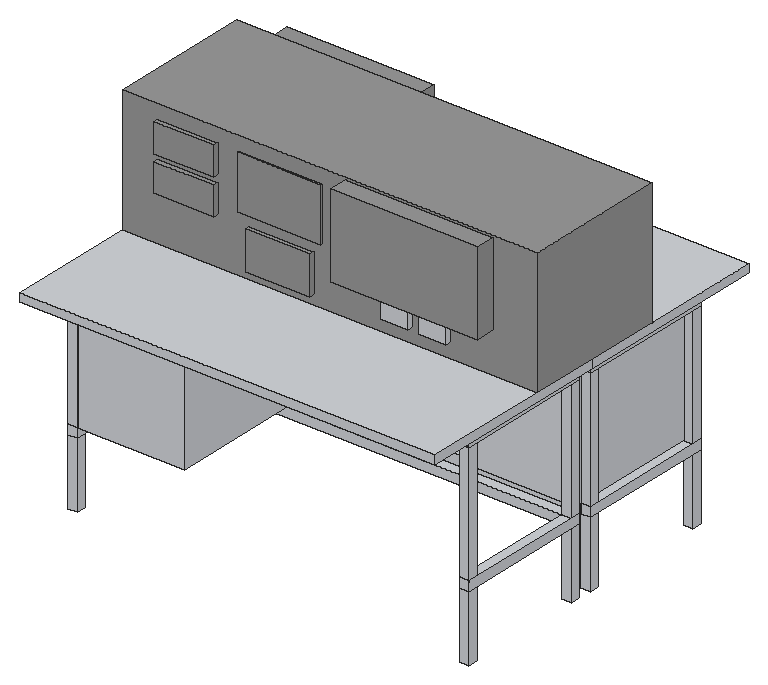
Revit family "ElectronicsBenchTopDouble", category Furniture, Revit 2025
Family settings
  OmniClass Number = 23.40.20.00
  OmniClass Title = General Furniture and Specialties
  Work Plane-Based = No
  Enable Cutting in Views = No
  Always vertical = Yes
  Cut with Voids When Loaded = No
  Render Appearance Source = Family Geometry
  Shared = No
  Room Calculation Point = No
Parameters
  Default Elevation = 0 mm
Reference planes
  plane 1 "Center (Front/Back)": y = 0
  plane 2: z = 9.556
  plane 3 "Center (Left/Right)": x = 0
  plane 4: x = 1750
  plane 5: x = 150
  plane 6: x = 400
  plane 7: x = 492
  plane 8: x = 535
  plane 9: x = 805
  plane 10: x = 842
  plane 11: x = 942
  plane 12: x = 1562
  plane 13: y = 0
  plane 14: z = 539.556
  plane 15: y = -20
  plane 16: y = 600
  plane 17: y = 300
  plane 18: y = -80
  plane 19: y = 620
  plane 20: z = 909.556
Forms (mm)
  Extrusion 1, solid, material "Plywood, Side, 7 Ply"
    sketch origin (829.616, -55.942, 1040.314) x (1, 0, 0) y (0, 0, 1)
      loop
        line (-829.616, -130.888) -> (920.384, -130.888) -> (920.384, 399.112) -> (-829.616, 399.112) -> (-829.616, -130.888)
    from -350 to 250
  Extrusion 2, solid, material "Asphalt, Bitumen"
    sketch origin (-0.384, -55.942, 899.426) x (1, 0, 0) y (0, 0, 1)
      loop
        line (942, 530) -> (942, 180) -> (1562, 180) -> (1562, 530) -> (942, 530)
    from 250 to 330
  Extrusion 3, solid, material "Asphalt, Bitumen"
    sketch origin (-0.384, -55.942, 899.426) x (1, 0, 0) y (0, 0, 1)
      loop
        line (842, 480) -> (492, 480) -> (492, 253) -> (842, 253) -> (842, 480)
    from 150 to 255
  Extrusion 4, solid, material "Plastic, Formed"
    sketch origin (-0.384, -55.942, 899.426) x (1, 0, 0) y (0, 0, 1)
      loop
        line (535, 210) -> (535, 50) -> (805, 50) -> (805, 210) -> (535, 210)
    from -35.942 to 270
  Extrusion 5, solid, material "Plastic, Formed"
    sketch origin (-0.384, -55.942, 899.426) x (1, 0, 0) y (0, 0, 1)
      loop
        line (150, 480) -> (150, 360) -> (400, 360) -> (400, 480) -> (150, 480)
      loop
        line (150, 330) -> (150, 210) -> (400, 210) -> (400, 330) -> (150, 330)
    from 0 to 270
  Extrusion 6, solid, material "Asphalt, Bitumen"
    sketch origin (1710.436, 44.058, 899.426) x (-1, 0, 0) y (0, 0, 1)
      loop
        line (942, 530) -> (942, 180) -> (1562, 180) -> (1562, 530) -> (942, 530)
    from 250 to 330
  Extrusion 7, solid, material "Asphalt, Bitumen"
    sketch origin (1710.436, 44.058, 899.426) x (-1, 0, 0) y (0, 0, 1)
      loop
        line (842, 480) -> (492, 480) -> (492, 253) -> (842, 253) -> (842, 480)
    from 150 to 255
  Extrusion 8, solid, material "Plastic, Formed"
    sketch origin (1710.436, 44.058, 899.426) x (-1, 0, 0) y (0, 0, 1)
      loop
        line (535, 210) -> (535, 50) -> (805, 50) -> (805, 210) -> (535, 210)
    from -35.942 to 270
  Extrusion 9, solid, material "Plastic, Formed"
    sketch origin (1710.436, 44.058, 899.426) x (-1, 0, 0) y (0, 0, 1)
      loop
        line (150, 480) -> (150, 360) -> (400, 360) -> (400, 480) -> (150, 480)
      loop
        line (150, 330) -> (150, 210) -> (400, 210) -> (400, 330) -> (150, 330)
    from 0 to 270
  Extrusion 10, solid
    sketch origin (97.34, -225.942, 1467.197) x (1, 0, 0) y (0, 0, 1)
      loop
        line (1166.781, -422.24) -> (1166.781, -497.24) -> (1281.781, -497.24) -> (1281.781, -422.24) -> (1166.781, -422.24)
    from 0 to 100
  Extrusion 11, void
    sketch origin (-242.88, -325.942, 1470.979) x (1, 0, 0) y (0, 0, 1)
      loop
        circle (1535.231, -463.13) r 15
      loop
        circle (1594.387, -462.957) r 15
    from 0 to 5
  Extrusion 12, solid
    sketch origin (-62.66, -225.942, 1467.197) x (1, 0, 0) y (0, 0, 1)
      loop
        line (1166.781, -422.24) -> (1166.781, -497.24) -> (1281.781, -497.24) -> (1281.781, -422.24) -> (1166.781, -422.24)
    from 0 to 100
  Extrusion 13, void
    sketch origin (-402.88, -325.942, 1470.979) x (1, 0, 0) y (0, 0, 1)
      loop
        circle (1535.231, -463.13) r 15
      loop
        circle (1594.387, -462.957) r 15
    from 0 to 5
  Extrusion 14, solid, not visible
    sketch origin (340.219, 0, -4.515) x (1, 0, 0) y (0, 0, 1)
      loop
        line (1166.781, -422.24) -> (1166.781, -497.24) -> (1281.781, -497.24) -> (1281.781, -422.24) -> (1166.781, -422.24)
    from 0 to 100
  Extrusion 15, void, not visible
    sketch origin (0, 0, -0.733) x (1, 0, 0) y (0, 0, 1)
      loop
        circle (1535.231, -463.13) r 15
      loop
        circle (1594.387, -462.957) r 15
    from 0 to 5
  Extrusion 16, solid, not visible
    sketch origin (180.219, 0, -4.515) x (1, 0, 0) y (0, 0, 1)
      loop
        line (1166.781, -422.24) -> (1166.781, -497.24) -> (1281.781, -497.24) -> (1281.781, -422.24) -> (1166.781, -422.24)
    from 0 to 100
  Extrusion 17, void, not visible
    sketch origin (-160, 0, -0.733) x (1, 0, 0) y (0, 0, 1)
      loop
        circle (1535.231, -463.13) r 15
      loop
        circle (1594.387, -462.957) r 15
    from 0 to 5
  Extrusion 18, solid
    sketch origin (1584.862, 214.058, 1467.197) x (-1, 0, 0) y (0, 0, 1)
      loop
        line (1166.781, -422.24) -> (1166.781, -497.24) -> (1281.781, -497.24) -> (1281.781, -422.24) -> (1166.781, -422.24)
    from 0 to 100
  Extrusion 19, void
    sketch origin (1925.082, 314.058, 1470.979) x (-1, 0, 0) y (0, 0, 1)
      loop
        circle (1535.231, -463.13) r 15
      loop
        circle (1594.387, -462.957) r 15
    from 0 to 5
  Extrusion 20, solid
    sketch origin (1744.862, 214.058, 1467.197) x (-1, 0, 0) y (0, 0, 1)
      loop
        line (1166.781, -422.24) -> (1166.781, -497.24) -> (1281.781, -497.24) -> (1281.781, -422.24) -> (1166.781, -422.24)
    from 0 to 100
  Extrusion 21, void
    sketch origin (2085.082, 314.058, 1470.979) x (-1, 0, 0) y (0, 0, 1)
      loop
        circle (1535.231, -463.13) r 15
      loop
        circle (1594.387, -462.957) r 15
    from 0 to 5
  Extrusion 22, solid, not visible
    sketch origin (97.34, 80, 567.327) x (1, 0, 0) y (0, 0, 1)
      loop
        line (1166.781, -422.24) -> (1166.781, -497.24) -> (1281.781, -497.24) -> (1281.781, -422.24) -> (1166.781, -422.24)
    from 0 to 100
  Extrusion 23, void, not visible
    sketch origin (-242.88, -20, 571.109) x (1, 0, 0) y (0, 0, 1)
      loop
        circle (1535.231, -463.13) r 15
      loop
        circle (1594.387, -462.957) r 15
    from 0 to 5
  Extrusion 24, solid, not visible
    sketch origin (-62.66, 80, 567.327) x (1, 0, 0) y (0, 0, 1)
      loop
        line (1166.781, -422.24) -> (1166.781, -497.24) -> (1281.781, -497.24) -> (1281.781, -422.24) -> (1166.781, -422.24)
    from 0 to 100
  Extrusion 25, void, not visible
    sketch origin (-402.88, -20, 571.109) x (1, 0, 0) y (0, 0, 1)
      loop
        circle (1535.231, -463.13) r 15
      loop
        circle (1594.387, -462.957) r 15
    from 0 to 5
  Extrusion 26, solid, material "Plywood, Side, 7 Ply", not visible
    sketch origin (829.616, -1903.81, 1413.477) x (1, 0, 0) y (0, 0, 1)
      loop
        line (-829.616, -130.888) -> (920.384, -130.888) -> (920.384, 399.112) -> (-829.616, 399.112) -> (-829.616, -130.888)
    from -350 to 250
  Extrusion 27, solid, material "Asphalt, Bitumen", not visible
    sketch origin (-0.384, -1903.81, 1272.588) x (1, 0, 0) y (0, 0, 1)
      loop
        line (942, 530) -> (942, 180) -> (1562, 180) -> (1562, 530) -> (942, 530)
    from 250 to 330
  Extrusion 28, solid, material "Asphalt, Bitumen", not visible
    sketch origin (-0.384, -1903.81, 1272.588) x (1, 0, 0) y (0, 0, 1)
      loop
        line (842, 480) -> (492, 480) -> (492, 253) -> (842, 253) -> (842, 480)
    from 150 to 255
  Extrusion 29, solid, material "Plastic, Formed", not visible
    sketch origin (-0.384, -1903.81, 1272.588) x (1, 0, 0) y (0, 0, 1)
      loop
        line (535, 210) -> (535, 50) -> (805, 50) -> (805, 210) -> (535, 210)
    from -35.942 to 270
  Extrusion 30, solid, material "Plastic, Formed", not visible
    sketch origin (-0.384, -1903.81, 1272.588) x (1, 0, 0) y (0, 0, 1)
      loop
        line (150, 480) -> (150, 360) -> (400, 360) -> (400, 480) -> (150, 480)
      loop
        line (150, 330) -> (150, 210) -> (400, 210) -> (400, 330) -> (150, 330)
    from 0 to 270
  Extrusion 31, solid, material "Asphalt, Bitumen", not visible
    sketch origin (1710.436, -1803.81, 1272.588) x (-1, 0, 0) y (0, 0, 1)
      loop
        line (942, 530) -> (942, 180) -> (1562, 180) -> (1562, 530) -> (942, 530)
    from 250 to 330
  Extrusion 32, solid, material "Asphalt, Bitumen", not visible
    sketch origin (1710.436, -1803.81, 1272.588) x (-1, 0, 0) y (0, 0, 1)
      loop
        line (842, 480) -> (492, 480) -> (492, 253) -> (842, 253) -> (842, 480)
    from 150 to 255
  Extrusion 33, solid, material "Plastic, Formed", not visible
    sketch origin (1710.436, -1803.81, 1272.588) x (-1, 0, 0) y (0, 0, 1)
      loop
        line (535, 210) -> (535, 50) -> (805, 50) -> (805, 210) -> (535, 210)
    from -35.942 to 270
  Extrusion 34, solid, material "Plastic, Formed", not visible
    sketch origin (1710.436, -1803.81, 1272.588) x (-1, 0, 0) y (0, 0, 1)
      loop
        line (150, 480) -> (150, 360) -> (400, 360) -> (400, 480) -> (150, 480)
      loop
        line (150, 330) -> (150, 210) -> (400, 210) -> (400, 330) -> (150, 330)
    from 0 to 270
  Extrusion 35, solid, not visible
    sketch origin (97.34, -2073.81, 1840.359) x (1, 0, 0) y (0, 0, 1)
      loop
        line (1166.781, -422.24) -> (1166.781, -497.24) -> (1281.781, -497.24) -> (1281.781, -422.24) -> (1166.781, -422.24)
    from 0 to 100
  Extrusion 36, void, not visible
    sketch origin (-242.88, -2173.81, 1844.141) x (1, 0, 0) y (0, 0, 1)
      loop
        circle (1535.231, -463.13) r 15
      loop
        circle (1594.387, -462.957) r 15
    from 0 to 5
  Extrusion 37, solid, not visible
    sketch origin (-62.66, -2073.81, 1840.359) x (1, 0, 0) y (0, 0, 1)
      loop
        line (1166.781, -422.24) -> (1166.781, -497.24) -> (1281.781, -497.24) -> (1281.781, -422.24) -> (1166.781, -422.24)
    from 0 to 100
  Extrusion 38, void, not visible
    sketch origin (-402.88, -2173.81, 1844.141) x (1, 0, 0) y (0, 0, 1)
      loop
        circle (1535.231, -463.13) r 15
      loop
        circle (1594.387, -462.957) r 15
    from 0 to 5
  Extrusion 39, solid, not visible
    sketch origin (1584.862, -1633.81, 1840.359) x (-1, 0, 0) y (0, 0, 1)
      loop
        line (1166.781, -422.24) -> (1166.781, -497.24) -> (1281.781, -497.24) -> (1281.781, -422.24) -> (1166.781, -422.24)
    from 0 to 100
  Extrusion 40, void, not visible
    sketch origin (1925.082, -1533.81, 1844.141) x (-1, 0, 0) y (0, 0, 1)
      loop
        circle (1535.231, -463.13) r 15
      loop
        circle (1594.387, -462.957) r 15
    from 0 to 5
  Extrusion 41, solid, not visible
    sketch origin (1744.862, -1633.81, 1840.359) x (-1, 0, 0) y (0, 0, 1)
      loop
        line (1166.781, -422.24) -> (1166.781, -497.24) -> (1281.781, -497.24) -> (1281.781, -422.24) -> (1166.781, -422.24)
    from 0 to 100
  Extrusion 42, void, not visible
    sketch origin (2085.082, -1533.81, 1844.141) x (-1, 0, 0) y (0, 0, 1)
      loop
        circle (1535.231, -463.13) r 15
      loop
        circle (1594.387, -462.957) r 15
    from 0 to 5
Cuts and joins
  Extrusion 11, Extrusion 13, Extrusion 19 cuts Extrusion 10
  Extrusion 13, Extrusion 21 cuts Extrusion 12
  Extrusion 19 cuts Extrusion 18
  Extrusion 21 cuts Extrusion 20
Dimensions and locks
  plane 3 "Center (Left/Right)" to Extrusion 1 = 1750 mm
  aligned and locked: level to plane 2
Nested families
  nested 1: "SmallBench" at (0, -20, 9.556), type "SmallBench"
  nested 2: "SmallBench" at (1750, -20, 9.556) x (-1, 0, 0) z (0, 0, 1), type "SmallBench"
Definition of nested family "SmallBench"
  Parameters
    Default Elevation = 0 mm
  Reference planes
    plane 1 "CentreLong": y = 0
    plane 2: z = 0
    plane 3 "LeftEdge": x = 0
    plane 4 "FrontEdge": y = -825
    plane 5 "RightEdge": x = 1750
    plane 6 "DrawerFront": y = -610
    plane 7 "LeftSupport": x = 50
    plane 8 "BenchTop": z = 900
    plane 9 "BenchBottom": z = 865
    plane 10 "RightSupport": x = 1700
    plane 11 "BackSupport": y = -50
    plane 12 "DrawerInner": x = 520
  Forms (mm)
    Extrusion 1, solid
      sketch origin (0, 0, 0) x (1, 0, 0) y (0, 1, 0)
        loop
          line (0, 0) -> (0, -825) -> (1750, -825) -> (1750, 0) -> (0, 0)
      from 865 to 900
    Extrusion 2, solid
      sketch origin (1780, -548.097, 0) x (1, 0, 0) y (0, 1, 0)
        loop
          line (-100, 518.097) -> (-100, 478.097) -> (-60, 478.097) -> (-60, 518.097) -> (-100, 518.097)
      from 0 to 825
    Extrusion 3, solid
      sketch origin (1780, -1115, 0) x (1, 0, 0) y (0, 1, 0)
        loop
          line (-100, 545) -> (-100, 505) -> (-60, 505) -> (-60, 545) -> (-100, 545)
      from 0 to 825
    Extrusion 4, solid
      sketch origin (-700, -140, 0) x (1, 0, 0) y (0, 1, 0)
        loop
          line (2380, 110) -> (2380, -470) -> (2420, -470) -> (2420, 110) -> (2400, 110) -> (2380, 110)
      from 825 to 865
    Extrusion 5, solid
      sketch origin (-700, -180, 0) x (1, 0, 0) y (0, 1, 0)
        loop
          line (2380, 150) -> (2380, -430) -> (2420, -430) -> (2420, 150) -> (2380, 150)
      from 280 to 320
    Extrusion 6, solid
      sketch origin (0, 0, 0) x (1, 0, 0) y (0, 1, 0)
        loop
          line (70, 0) -> (70, -610) -> (520, -610) -> (520, 0) -> (70, 0)
      from 320 to 865
    Extrusion 7, solid, not visible
      sketch origin (1780, -548.097, 0) x (1, 0, 0) y (0, 1, 0)
        loop
          line (-100, 518.097) -> (-100, 478.097) -> (-60, 478.097) -> (-60, 518.097) -> (-100, 518.097)
      from 0 to 825
    Extrusion 8, solid, not visible
      sketch origin (1780, -1115, 0) x (1, 0, 0) y (0, 1, 0)
        loop
          line (-100, 545) -> (-100, 505) -> (-60, 505) -> (-60, 545) -> (-100, 545)
      from 0 to 825
    Extrusion 9, solid, not visible
      sketch origin (-700, -140, 0) x (1, 0, 0) y (0, 1, 0)
        loop
          line (2380, 110) -> (2380, -470) -> (2420, -470) -> (2420, 110) -> (2400, 110) -> (2380, 110)
      from 825 to 865
    Extrusion 10, solid, not visible
      sketch origin (-700, -180, 0) x (1, 0, 0) y (0, 1, 0)
        loop
          line (2380, 150) -> (2380, -430) -> (2420, -430) -> (2420, 150) -> (2380, 150)
      from 280 to 320
    Extrusion 11, solid
      sketch origin (130, -548.097, 0) x (1, 0, 0) y (0, 1, 0)
        loop
          line (-100, 518.097) -> (-100, 478.097) -> (-60, 478.097) -> (-60, 518.097) -> (-100, 518.097)
      from 0 to 825
    Extrusion 12, solid
      sketch origin (130, -1115, 0) x (1, 0, 0) y (0, 1, 0)
        loop
          line (-100, 545) -> (-100, 505) -> (-60, 505) -> (-60, 545) -> (-100, 545)
      from 0 to 825
    Extrusion 13, solid
      sketch origin (-2350, -140, 0) x (1, 0, 0) y (0, 1, 0)
        loop
          line (2380, 110) -> (2380, -470) -> (2420, -470) -> (2420, 110) -> (2400, 110) -> (2380, 110)
      from 825 to 865
    Extrusion 14, solid
      sketch origin (-2350, -180, 0) x (1, 0, 0) y (0, 1, 0)
        loop
          line (2380, 150) -> (2380, -430) -> (2420, -430) -> (2420, 150) -> (2380, 150)
      from 280 to 320
    Extrusion 15, solid
      sketch origin (0, 0, -200) x (0, 1, 0) y (0, 0, 1)
        loop
          line (-30, 520) -> (-70, 520) -> (-70, 480) -> (-30, 480) -> (-30, 520)
      from 70 to 1680
    Extrusion 16, solid
      sketch origin (0, 0, 465) x (0, 1, 0) y (0, 0, 1)
        loop
          line (-30, 400) -> (-70, 400) -> (-70, 360) -> (-30, 360) -> (-30, 400)
      from 70 to 1680
  Dimensions and locks
    plane 3 "LeftEdge" to plane 5 "RightEdge" = 1750 mm
    plane 12 "DrawerInner" to Extrusion 3 = 1160 mm
    plane 8 "BenchTop" to level = 900 mm
    plane 5 "RightEdge" to plane 3 "LeftEdge" = 1750 mm
    Extrusion 6 to Extrusion 12 = 450 mm
    Extrusion 13 to Extrusion 6 = 450 mm
    Extrusion 6 to Extrusion 4 = 1160 mm
    aligned and locked: level to plane 2
